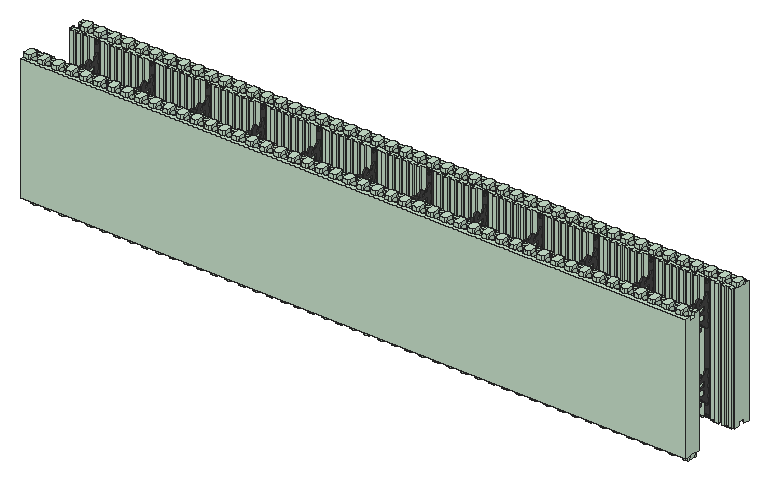
Revit family (continued)
Automatic sketch dimensions
  Extrusion 66 sketch curve to Extrusion 66 sketch curve = 0' - 0.17323"
  Extrusion 66 sketch curve to Extrusion 66 sketch curve = 0' - 0.01019"
  Extrusion 66 sketch curve to Extrusion 66 sketch curve = 0' - 0.07677"
  Extrusion 66 sketch curve to Extrusion 66 sketch curve = 0' - 0.17083"
  Extrusion 66 sketch curve to Extrusion 66 sketch curve = 0' - 0.01665"
  Extrusion 66 sketch curve to Extrusion 66 sketch curve = 0' - 0.14808"
  Extrusion 66 sketch curve to Extrusion 66 sketch curve = 0' - 0.33686"
  Extrusion 66 sketch curve to Extrusion 66 sketch curve = 0' - 0.2216"
  plane 7 to Extrusion 67 sketch curve = 0' - 0.72692"
  Extrusion 67 sketch curve to plane 4 = 2' - 11"
  Extrusion 67 sketch curve to Extrusion 67 sketch curve = 0' - 0.17308"  (x2)
  Extrusion 67 sketch curve to Extrusion 67 sketch curve = 0' - 0"  (x5)
  Extrusion 67 sketch curve to Extrusion 67 sketch curve = 0' - 0 1/4"  (x4)
  Extrusion 67 sketch curve to Extrusion 67 sketch curve = 0' - 0.07692"  (x2)
  Extrusion 67 sketch curve to Extrusion 67 sketch curve = 0' - 0.17323"
  Extrusion 67 sketch curve to Extrusion 67 sketch curve = 0' - 0.01019"
  Extrusion 67 sketch curve to Extrusion 67 sketch curve = 0' - 0.07677"
  Extrusion 67 sketch curve to Extrusion 67 sketch curve = 0' - 0.17083"
  Extrusion 67 sketch curve to Extrusion 67 sketch curve = 0' - 0.01665"
  Extrusion 67 sketch curve to Extrusion 67 sketch curve = 0' - 0.14808"
  Extrusion 67 sketch curve to Extrusion 67 sketch curve = 0' - 0.33686"
  Extrusion 67 sketch curve to Extrusion 67 sketch curve = 0' - 0.2216"
  plane 7 to Extrusion 68 sketch curve = 0' - 0.72692"
  Extrusion 68 sketch curve to plane 4 = 3' - 1"
  Extrusion 68 sketch curve to Extrusion 68 sketch curve = 0' - 0.17308"  (x2)
  Extrusion 68 sketch curve to Extrusion 68 sketch curve = 0' - 0"  (x5)
  Extrusion 68 sketch curve to Extrusion 68 sketch curve = 0' - 0 1/4"  (x4)
  Extrusion 68 sketch curve to Extrusion 68 sketch curve = 0' - 0.07692"  (x2)
  Extrusion 68 sketch curve to Extrusion 68 sketch curve = 0' - 0.17323"
  Extrusion 68 sketch curve to Extrusion 68 sketch curve = 0' - 0.01019"
  Extrusion 68 sketch curve to Extrusion 68 sketch curve = 0' - 0.07677"
  Extrusion 68 sketch curve to Extrusion 68 sketch curve = 0' - 0.17083"
  Extrusion 68 sketch curve to Extrusion 68 sketch curve = 0' - 0.01665"
  Extrusion 68 sketch curve to Extrusion 68 sketch curve = 0' - 0.14808"
  Extrusion 68 sketch curve to Extrusion 68 sketch curve = 0' - 0.33686"
  Extrusion 68 sketch curve to Extrusion 68 sketch curve = 0' - 0.2216"
  plane 7 to Extrusion 69 sketch curve = 0' - 0.72692"
  Extrusion 69 sketch curve to plane 4 = 3' - 3"
  Extrusion 69 sketch curve to Extrusion 69 sketch curve = 0' - 0.17308"  (x2)
  Extrusion 69 sketch curve to Extrusion 69 sketch curve = 0' - 0"  (x5)
  Extrusion 69 sketch curve to Extrusion 69 sketch curve = 0' - 0 1/4"  (x4)
  Extrusion 69 sketch curve to Extrusion 69 sketch curve = 0' - 0.07692"  (x2)
  Extrusion 69 sketch curve to Extrusion 69 sketch curve = 0' - 0.17323"
  Extrusion 69 sketch curve to Extrusion 69 sketch curve = 0' - 0.01019"
  Extrusion 69 sketch curve to Extrusion 69 sketch curve = 0' - 0.07677"
  Extrusion 69 sketch curve to Extrusion 69 sketch curve = 0' - 0.17083"
  Extrusion 69 sketch curve to Extrusion 69 sketch curve = 0' - 0.01665"
  Extrusion 69 sketch curve to Extrusion 69 sketch curve = 0' - 0.14808"
  Extrusion 69 sketch curve to Extrusion 69 sketch curve = 0' - 0.33686"
  Extrusion 69 sketch curve to Extrusion 69 sketch curve = 0' - 0.2216"
  plane 7 to Extrusion 70 sketch curve = 0' - 0.72692"
  Extrusion 70 sketch curve to plane 4 = 3' - 5"
  Extrusion 70 sketch curve to Extrusion 70 sketch curve = 0' - 0.17308"  (x2)
  Extrusion 70 sketch curve to Extrusion 70 sketch curve = 0' - 0"  (x5)
  Extrusion 70 sketch curve to Extrusion 70 sketch curve = 0' - 0 1/4"  (x4)
  Extrusion 70 sketch curve to Extrusion 70 sketch curve = 0' - 0.07692"  (x2)
  Extrusion 70 sketch curve to Extrusion 70 sketch curve = 0' - 0.17323"
  Extrusion 70 sketch curve to Extrusion 70 sketch curve = 0' - 0.01019"
  Extrusion 70 sketch curve to Extrusion 70 sketch curve = 0' - 0.07677"
  Extrusion 70 sketch curve to Extrusion 70 sketch curve = 0' - 0.17083"
  Extrusion 70 sketch curve to Extrusion 70 sketch curve = 0' - 0.01665"
  Extrusion 70 sketch curve to Extrusion 70 sketch curve = 0' - 0.14808"
  Extrusion 70 sketch curve to Extrusion 70 sketch curve = 0' - 0.33686"
  Extrusion 70 sketch curve to Extrusion 70 sketch curve = 0' - 0.2216"
  plane 7 to Extrusion 71 sketch curve = 0' - 0.72692"
  Extrusion 71 sketch curve to plane 4 = 3' - 7"
  Extrusion 71 sketch curve to Extrusion 71 sketch curve = 0' - 0.17308"  (x2)
  Extrusion 71 sketch curve to Extrusion 71 sketch curve = 0' - 0"  (x5)
  Extrusion 71 sketch curve to Extrusion 71 sketch curve = 0' - 0 1/4"  (x4)
  Extrusion 71 sketch curve to Extrusion 71 sketch curve = 0' - 0.07692"  (x2)
  Extrusion 71 sketch curve to Extrusion 71 sketch curve = 0' - 0.17323"
  Extrusion 71 sketch curve to Extrusion 71 sketch curve = 0' - 0.01019"
  Extrusion 71 sketch curve to Extrusion 71 sketch curve = 0' - 0.07677"
  Extrusion 71 sketch curve to Extrusion 71 sketch curve = 0' - 0.17083"
  Extrusion 71 sketch curve to Extrusion 71 sketch curve = 0' - 0.01665"
  Extrusion 71 sketch curve to Extrusion 71 sketch curve = 0' - 0.14808"
  Extrusion 71 sketch curve to Extrusion 71 sketch curve = 0' - 0.33686"
  Extrusion 71 sketch curve to Extrusion 71 sketch curve = 0' - 0.2216"
  plane 7 to Extrusion 72 sketch curve = 0' - 0.72692"
  Extrusion 72 sketch curve to plane 4 = 3' - 9"
  Extrusion 72 sketch curve to Extrusion 72 sketch curve = 0' - 0.17308"  (x2)
  Extrusion 72 sketch curve to Extrusion 72 sketch curve = 0' - 0"  (x5)
  Extrusion 72 sketch curve to Extrusion 72 sketch curve = 0' - 0 1/4"  (x4)
  Extrusion 72 sketch curve to Extrusion 72 sketch curve = 0' - 0.07692"  (x2)
  Extrusion 72 sketch curve to Extrusion 72 sketch curve = 0' - 0.17323"
  Extrusion 72 sketch curve to Extrusion 72 sketch curve = 0' - 0.01019"
  Extrusion 72 sketch curve to Extrusion 72 sketch curve = 0' - 0.07677"
  Extrusion 72 sketch curve to Extrusion 72 sketch curve = 0' - 0.17083"
  Extrusion 72 sketch curve to Extrusion 72 sketch curve = 0' - 0.01665"
  Extrusion 72 sketch curve to Extrusion 72 sketch curve = 0' - 0.14808"
  Extrusion 72 sketch curve to Extrusion 72 sketch curve = 0' - 0.33686"
  Extrusion 72 sketch curve to Extrusion 72 sketch curve = 0' - 0.2216"
  plane 7 to Extrusion 73 sketch curve = 0' - 0.72692"
  Extrusion 73 sketch curve to plane 4 = 3' - 11"
  Extrusion 73 sketch curve to Extrusion 73 sketch curve = 0' - 0.17308"  (x2)
  Extrusion 73 sketch curve to Extrusion 73 sketch curve = 0' - 0"  (x5)
  Extrusion 73 sketch curve to Extrusion 73 sketch curve = 0' - 0 1/4"  (x4)
  Extrusion 73 sketch curve to Extrusion 73 sketch curve = 0' - 0.07692"  (x2)
  Extrusion 73 sketch curve to Extrusion 73 sketch curve = 0' - 0.17323"
  Extrusion 73 sketch curve to Extrusion 73 sketch curve = 0' - 0.01019"
  Extrusion 73 sketch curve to Extrusion 73 sketch curve = 0' - 0.07677"
  Extrusion 73 sketch curve to Extrusion 73 sketch curve = 0' - 0.17083"
  Extrusion 73 sketch curve to Extrusion 73 sketch curve = 0' - 0.01665"
  Extrusion 73 sketch curve to Extrusion 73 sketch curve = 0' - 0.14808"
  Extrusion 73 sketch curve to Extrusion 73 sketch curve = 0' - 0.33686"
  Extrusion 73 sketch curve to Extrusion 73 sketch curve = 0' - 0.2216"
  plane 7 to Extrusion 74 sketch curve = 0' - 0.72692"
  plane 3 "Center (Left/Right)" to Extrusion 74 sketch curve = 3' - 11"
  Extrusion 74 sketch curve to Extrusion 74 sketch curve = 0' - 0.17308"  (x2)
  Extrusion 74 sketch curve to Extrusion 74 sketch curve = 0' - 0"  (x5)
  Extrusion 74 sketch curve to Extrusion 74 sketch curve = 0' - 0.07692"  (x3)
  Extrusion 74 sketch curve to Extrusion 74 sketch curve = 0' - 0 1/4"  (x3)
  Extrusion 74 sketch curve to Extrusion 74 sketch curve = 0' - 0.17323"
  Extrusion 74 sketch curve to Extrusion 74 sketch curve = 0' - 0.01019"
  Extrusion 74 sketch curve to Extrusion 74 sketch curve = 0' - 0.07677"
  Extrusion 74 sketch curve to Extrusion 74 sketch curve = 0' - 0.17083"
  Extrusion 74 sketch curve to Extrusion 74 sketch curve = 0' - 0.01665"
  Extrusion 74 sketch curve to Extrusion 74 sketch curve = 0' - 0.14808"
  Extrusion 74 sketch curve to Extrusion 74 sketch curve = 0' - 0.33686"
  Extrusion 74 sketch curve to Extrusion 74 sketch curve = 0' - 0.2216"
  plane 7 to Extrusion 75 sketch curve = 0' - 0.72692"
  plane 3 "Center (Left/Right)" to Extrusion 75 sketch curve = 3' - 9"
  Extrusion 75 sketch curve to Extrusion 75 sketch curve = 0' - 0.17308"  (x2)
  Extrusion 75 sketch curve to Extrusion 75 sketch curve = 0' - 0"  (x5)
  Extrusion 75 sketch curve to Extrusion 75 sketch curve = 0' - 0.07692"  (x3)
  Extrusion 75 sketch curve to Extrusion 75 sketch curve = 0' - 0 1/4"  (x3)
  Extrusion 75 sketch curve to Extrusion 75 sketch curve = 0' - 0.17323"
  Extrusion 75 sketch curve to Extrusion 75 sketch curve = 0' - 0.01019"
  Extrusion 75 sketch curve to Extrusion 75 sketch curve = 0' - 0.07677"
  Extrusion 75 sketch curve to Extrusion 75 sketch curve = 0' - 0.17083"
  Extrusion 75 sketch curve to Extrusion 75 sketch curve = 0' - 0.01665"
  Extrusion 75 sketch curve to Extrusion 75 sketch curve = 0' - 0.14808"
  Extrusion 75 sketch curve to Extrusion 75 sketch curve = 0' - 0.33686"
  Extrusion 75 sketch curve to Extrusion 75 sketch curve = 0' - 0.2216"
  plane 7 to Extrusion 76 sketch curve = 0' - 0.72692"
  plane 3 "Center (Left/Right)" to Extrusion 76 sketch curve = 3' - 7"
  Extrusion 76 sketch curve to Extrusion 76 sketch curve = 0' - 0.17308"  (x2)
  Extrusion 76 sketch curve to Extrusion 76 sketch curve = 0' - 0"  (x5)
  Extrusion 76 sketch curve to Extrusion 76 sketch curve = 0' - 0.07692"  (x3)
  Extrusion 76 sketch curve to Extrusion 76 sketch curve = 0' - 0 1/4"  (x3)
  Extrusion 76 sketch curve to Extrusion 76 sketch curve = 0' - 0.17323"
  Extrusion 76 sketch curve to Extrusion 76 sketch curve = 0' - 0.01019"
  Extrusion 76 sketch curve to Extrusion 76 sketch curve = 0' - 0.07677"
  Extrusion 76 sketch curve to Extrusion 76 sketch curve = 0' - 0.17083"
  Extrusion 76 sketch curve to Extrusion 76 sketch curve = 0' - 0.01665"
  Extrusion 76 sketch curve to Extrusion 76 sketch curve = 0' - 0.14808"
  Extrusion 76 sketch curve to Extrusion 76 sketch curve = 0' - 0.33686"
  Extrusion 76 sketch curve to Extrusion 76 sketch curve = 0' - 0.2216"
  plane 7 to Extrusion 77 sketch curve = 0' - 0.72692"
  plane 3 "Center (Left/Right)" to Extrusion 77 sketch curve = 3' - 5"
  Extrusion 77 sketch curve to Extrusion 77 sketch curve = 0' - 0.17308"  (x2)
  Extrusion 77 sketch curve to Extrusion 77 sketch curve = 0' - 0"  (x5)
  Extrusion 77 sketch curve to Extrusion 77 sketch curve = 0' - 0.07692"  (x3)
  Extrusion 77 sketch curve to Extrusion 77 sketch curve = 0' - 0 1/4"  (x3)
  Extrusion 77 sketch curve to Extrusion 77 sketch curve = 0' - 0.17323"
  Extrusion 77 sketch curve to Extrusion 77 sketch curve = 0' - 0.01019"
  Extrusion 77 sketch curve to Extrusion 77 sketch curve = 0' - 0.07677"
  Extrusion 77 sketch curve to Extrusion 77 sketch curve = 0' - 0.17083"
  Extrusion 77 sketch curve to Extrusion 77 sketch curve = 0' - 0.01665"
  Extrusion 77 sketch curve to Extrusion 77 sketch curve = 0' - 0.14808"
  Extrusion 77 sketch curve to Extrusion 77 sketch curve = 0' - 0.33686"
  Extrusion 77 sketch curve to Extrusion 77 sketch curve = 0' - 0.2216"
  plane 7 to Extrusion 78 sketch curve = 0' - 0.72692"
  plane 3 "Center (Left/Right)" to Extrusion 78 sketch curve = 3' - 3"
  Extrusion 78 sketch curve to Extrusion 78 sketch curve = 0' - 0.17308"  (x2)
  Extrusion 78 sketch curve to Extrusion 78 sketch curve = 0' - 0"  (x5)
  Extrusion 78 sketch curve to Extrusion 78 sketch curve = 0' - 0.07692"  (x3)
  Extrusion 78 sketch curve to Extrusion 78 sketch curve = 0' - 0 1/4"  (x3)
  Extrusion 78 sketch curve to Extrusion 78 sketch curve = 0' - 0.17323"
  Extrusion 78 sketch curve to Extrusion 78 sketch curve = 0' - 0.01019"
  Extrusion 78 sketch curve to Extrusion 78 sketch curve = 0' - 0.07677"
  Extrusion 78 sketch curve to Extrusion 78 sketch curve = 0' - 0.17083"
  Extrusion 78 sketch curve to Extrusion 78 sketch curve = 0' - 0.01665"
  Extrusion 78 sketch curve to Extrusion 78 sketch curve = 0' - 0.14808"
  Extrusion 78 sketch curve to Extrusion 78 sketch curve = 0' - 0.33686"
  Extrusion 78 sketch curve to Extrusion 78 sketch curve = 0' - 0.2216"
  plane 7 to Extrusion 79 sketch curve = 0' - 0.72692"
  plane 3 "Center (Left/Right)" to Extrusion 79 sketch curve = 3' - 1"
  Extrusion 79 sketch curve to Extrusion 79 sketch curve = 0' - 0.17308"  (x2)
  Extrusion 79 sketch curve to Extrusion 79 sketch curve = 0' - 0"  (x5)
  Extrusion 79 sketch curve to Extrusion 79 sketch curve = 0' - 0.07692"  (x3)
  Extrusion 79 sketch curve to Extrusion 79 sketch curve = 0' - 0 1/4"  (x3)
  Extrusion 79 sketch curve to Extrusion 79 sketch curve = 0' - 0.17323"
  Extrusion 79 sketch curve to Extrusion 79 sketch curve = 0' - 0.01019"
  Extrusion 79 sketch curve to Extrusion 79 sketch curve = 0' - 0.07677"
  Extrusion 79 sketch curve to Extrusion 79 sketch curve = 0' - 0.17083"
  Extrusion 79 sketch curve to Extrusion 79 sketch curve = 0' - 0.01665"
  Extrusion 79 sketch curve to Extrusion 79 sketch curve = 0' - 0.14808"
  Extrusion 79 sketch curve to Extrusion 79 sketch curve = 0' - 0.33686"
  Extrusion 79 sketch curve to Extrusion 79 sketch curve = 0' - 0.2216"
  plane 7 to Extrusion 80 sketch curve = 0' - 0.72692"
  plane 3 "Center (Left/Right)" to Extrusion 80 sketch curve = 2' - 11"
  Extrusion 80 sketch curve to Extrusion 80 sketch curve = 0' - 0.17308"  (x2)
  Extrusion 80 sketch curve to Extrusion 80 sketch curve = 0' - 0"  (x5)
  Extrusion 80 sketch curve to Extrusion 80 sketch curve = 0' - 0.07692"  (x3)
  Extrusion 80 sketch curve to Extrusion 80 sketch curve = 0' - 0 1/4"  (x3)
  Extrusion 80 sketch curve to Extrusion 80 sketch curve = 0' - 0.17323"
  Extrusion 80 sketch curve to Extrusion 80 sketch curve = 0' - 0.01019"
  Extrusion 80 sketch curve to Extrusion 80 sketch curve = 0' - 0.07677"
  Extrusion 80 sketch curve to Extrusion 80 sketch curve = 0' - 0.17083"
  Extrusion 80 sketch curve to Extrusion 80 sketch curve = 0' - 0.01665"
  Extrusion 80 sketch curve to Extrusion 80 sketch curve = 0' - 0.14808"
  Extrusion 80 sketch curve to Extrusion 80 sketch curve = 0' - 0.33686"
  Extrusion 80 sketch curve to Extrusion 80 sketch curve = 0' - 0.2216"
  plane 7 to Extrusion 81 sketch curve = 0' - 0.72692"
  plane 3 "Center (Left/Right)" to Extrusion 81 sketch curve = 2' - 9"
  Extrusion 81 sketch curve to Extrusion 81 sketch curve = 0' - 0.17308"  (x2)
  Extrusion 81 sketch curve to Extrusion 81 sketch curve = 0' - 0"  (x5)
  Extrusion 81 sketch curve to Extrusion 81 sketch curve = 0' - 0.07692"  (x3)
  Extrusion 81 sketch curve to Extrusion 81 sketch curve = 0' - 0 1/4"  (x3)
  Extrusion 81 sketch curve to Extrusion 81 sketch curve = 0' - 0.17323"
  Extrusion 81 sketch curve to Extrusion 81 sketch curve = 0' - 0.01019"
  Extrusion 81 sketch curve to Extrusion 81 sketch curve = 0' - 0.07677"
  Extrusion 81 sketch curve to Extrusion 81 sketch curve = 0' - 0.17083"
  Extrusion 81 sketch curve to Extrusion 81 sketch curve = 0' - 0.01665"
  Extrusion 81 sketch curve to Extrusion 81 sketch curve = 0' - 0.14808"
  Extrusion 81 sketch curve to Extrusion 81 sketch curve = 0' - 0.33686"
  Extrusion 81 sketch curve to Extrusion 81 sketch curve = 0' - 0.2216"
  plane 7 to Extrusion 82 sketch curve = 0' - 0.72692"
  plane 3 "Center (Left/Right)" to Extrusion 82 sketch curve = 2' - 7"
  Extrusion 82 sketch curve to Extrusion 82 sketch curve = 0' - 0.17308"  (x2)
  Extrusion 82 sketch curve to Extrusion 82 sketch curve = 0' - 0"  (x5)
  Extrusion 82 sketch curve to Extrusion 82 sketch curve = 0' - 0.07692"  (x3)
  Extrusion 82 sketch curve to Extrusion 82 sketch curve = 0' - 0 1/4"  (x3)
  Extrusion 82 sketch curve to Extrusion 82 sketch curve = 0' - 0.17323"
  Extrusion 82 sketch curve to Extrusion 82 sketch curve = 0' - 0.01019"
  Extrusion 82 sketch curve to Extrusion 82 sketch curve = 0' - 0.07677"
  Extrusion 82 sketch curve to Extrusion 82 sketch curve = 0' - 0.17083"
  Extrusion 82 sketch curve to Extrusion 82 sketch curve = 0' - 0.01665"
  Extrusion 82 sketch curve to Extrusion 82 sketch curve = 0' - 0.14808"
  Extrusion 82 sketch curve to Extrusion 82 sketch curve = 0' - 0.33686"
  Extrusion 82 sketch curve to Extrusion 82 sketch curve = 0' - 0.2216"
  plane 7 to Extrusion 83 sketch curve = 0' - 0.72692"
  plane 3 "Center (Left/Right)" to Extrusion 83 sketch curve = 2' - 5"
  Extrusion 83 sketch curve to Extrusion 83 sketch curve = 0' - 0.17308"  (x2)
  Extrusion 83 sketch curve to Extrusion 83 sketch curve = 0' - 0"  (x5)
  Extrusion 83 sketch curve to Extrusion 83 sketch curve = 0' - 0.07692"  (x3)
  Extrusion 83 sketch curve to Extrusion 83 sketch curve = 0' - 0 1/4"  (x3)
  Extrusion 83 sketch curve to Extrusion 83 sketch curve = 0' - 0.17323"
  Extrusion 83 sketch curve to Extrusion 83 sketch curve = 0' - 0.01019"
  Extrusion 83 sketch curve to Extrusion 83 sketch curve = 0' - 0.07677"
  Extrusion 83 sketch curve to Extrusion 83 sketch curve = 0' - 0.17083"
  Extrusion 83 sketch curve to Extrusion 83 sketch curve = 0' - 0.01665"
  Extrusion 83 sketch curve to Extrusion 83 sketch curve = 0' - 0.14808"
  Extrusion 83 sketch curve to Extrusion 83 sketch curve = 0' - 0.33686"
  Extrusion 83 sketch curve to Extrusion 83 sketch curve = 0' - 0.2216"
  plane 7 to Extrusion 84 sketch curve = 0' - 0.72692"
  plane 3 "Center (Left/Right)" to Extrusion 84 sketch curve = 2' - 3"
  Extrusion 84 sketch curve to Extrusion 84 sketch curve = 0' - 0.17308"  (x2)
  Extrusion 84 sketch curve to Extrusion 84 sketch curve = 0' - 0"  (x5)
  Extrusion 84 sketch curve to Extrusion 84 sketch curve = 0' - 0.07692"  (x3)
  Extrusion 84 sketch curve to Extrusion 84 sketch curve = 0' - 0 1/4"  (x3)
  Extrusion 84 sketch curve to Extrusion 84 sketch curve = 0' - 0.17323"
  Extrusion 84 sketch curve to Extrusion 84 sketch curve = 0' - 0.01019"
  Extrusion 84 sketch curve to Extrusion 84 sketch curve = 0' - 0.07677"
  Extrusion 84 sketch curve to Extrusion 84 sketch curve = 0' - 0.17083"
  Extrusion 84 sketch curve to Extrusion 84 sketch curve = 0' - 0.01665"
  Extrusion 84 sketch curve to Extrusion 84 sketch curve = 0' - 0.14808"
  Extrusion 84 sketch curve to Extrusion 84 sketch curve = 0' - 0.33686"
  Extrusion 84 sketch curve to Extrusion 84 sketch curve = 0' - 0.2216"
  plane 7 to Extrusion 85 sketch curve = 0' - 0.72692"
  plane 3 "Center (Left/Right)" to Extrusion 85 sketch curve = 2' - 1"
  Extrusion 85 sketch curve to Extrusion 85 sketch curve = 0' - 0.17308"  (x2)
  Extrusion 85 sketch curve to Extrusion 85 sketch curve = 0' - 0"  (x5)
  Extrusion 85 sketch curve to Extrusion 85 sketch curve = 0' - 0.07692"  (x3)
  Extrusion 85 sketch curve to Extrusion 85 sketch curve = 0' - 0 1/4"  (x3)
  Extrusion 85 sketch curve to Extrusion 85 sketch curve = 0' - 0.17323"
  Extrusion 85 sketch curve to Extrusion 85 sketch curve = 0' - 0.01019"
  Extrusion 85 sketch curve to Extrusion 85 sketch curve = 0' - 0.07677"
  Extrusion 85 sketch curve to Extrusion 85 sketch curve = 0' - 0.17083"
  Extrusion 85 sketch curve to Extrusion 85 sketch curve = 0' - 0.01665"
  Extrusion 85 sketch curve to Extrusion 85 sketch curve = 0' - 0.14808"
  Extrusion 85 sketch curve to Extrusion 85 sketch curve = 0' - 0.33686"
  Extrusion 85 sketch curve to Extrusion 85 sketch curve = 0' - 0.2216"
  plane 7 to Extrusion 86 sketch curve = 0' - 0.72692"
  plane 3 "Center (Left/Right)" to Extrusion 86 sketch curve = 1' - 11"
  Extrusion 86 sketch curve to Extrusion 86 sketch curve = 0' - 0.17308"  (x2)
  Extrusion 86 sketch curve to Extrusion 86 sketch curve = 0' - 0"  (x5)
  Extrusion 86 sketch curve to Extrusion 86 sketch curve = 0' - 0.07692"  (x3)
  Extrusion 86 sketch curve to Extrusion 86 sketch curve = 0' - 0 1/4"  (x3)
  Extrusion 86 sketch curve to Extrusion 86 sketch curve = 0' - 0.17323"
  Extrusion 86 sketch curve to Extrusion 86 sketch curve = 0' - 0.01019"
  Extrusion 86 sketch curve to Extrusion 86 sketch curve = 0' - 0.07677"
  Extrusion 86 sketch curve to Extrusion 86 sketch curve = 0' - 0.17083"
  Extrusion 86 sketch curve to Extrusion 86 sketch curve = 0' - 0.01665"
  Extrusion 86 sketch curve to Extrusion 86 sketch curve = 0' - 0.14808"
  Extrusion 86 sketch curve to Extrusion 86 sketch curve = 0' - 0.33686"
  Extrusion 86 sketch curve to Extrusion 86 sketch curve = 0' - 0.2216"
  plane 7 to Extrusion 87 sketch curve = 0' - 0.72692"
  plane 3 "Center (Left/Right)" to Extrusion 87 sketch curve = 1' - 9"
  Extrusion 87 sketch curve to Extrusion 87 sketch curve = 0' - 0.17308"  (x2)
  Extrusion 87 sketch curve to Extrusion 87 sketch curve = 0' - 0"  (x5)
  Extrusion 87 sketch curve to Extrusion 87 sketch curve = 0' - 0.07692"  (x3)
  Extrusion 87 sketch curve to Extrusion 87 sketch curve = 0' - 0 1/4"  (x3)
  Extrusion 87 sketch curve to Extrusion 87 sketch curve = 0' - 0.17323"
  Extrusion 87 sketch curve to Extrusion 87 sketch curve = 0' - 0.01019"
  Extrusion 87 sketch curve to Extrusion 87 sketch curve = 0' - 0.07677"
  Extrusion 87 sketch curve to Extrusion 87 sketch curve = 0' - 0.17083"
  Extrusion 87 sketch curve to Extrusion 87 sketch curve = 0' - 0.01665"
  Extrusion 87 sketch curve to Extrusion 87 sketch curve = 0' - 0.14808"
  Extrusion 87 sketch curve to Extrusion 87 sketch curve = 0' - 0.33686"
  Extrusion 87 sketch curve to Extrusion 87 sketch curve = 0' - 0.2216"
  plane 7 to Extrusion 88 sketch curve = 0' - 0.72692"
  plane 3 "Center (Left/Right)" to Extrusion 88 sketch curve = 1' - 7"
  Extrusion 88 sketch curve to Extrusion 88 sketch curve = 0' - 0.17308"  (x2)
  Extrusion 88 sketch curve to Extrusion 88 sketch curve = 0' - 0"  (x5)
  Extrusion 88 sketch curve to Extrusion 88 sketch curve = 0' - 0.07692"  (x3)
  Extrusion 88 sketch curve to Extrusion 88 sketch curve = 0' - 0 1/4"  (x3)
  Extrusion 88 sketch curve to Extrusion 88 sketch curve = 0' - 0.17323"
  Extrusion 88 sketch curve to Extrusion 88 sketch curve = 0' - 0.01019"
  Extrusion 88 sketch curve to Extrusion 88 sketch curve = 0' - 0.07677"
  Extrusion 88 sketch curve to Extrusion 88 sketch curve = 0' - 0.17083"
  Extrusion 88 sketch curve to Extrusion 88 sketch curve = 0' - 0.01665"
  Extrusion 88 sketch curve to Extrusion 88 sketch curve = 0' - 0.14808"
  Extrusion 88 sketch curve to Extrusion 88 sketch curve = 0' - 0.33686"
  Extrusion 88 sketch curve to Extrusion 88 sketch curve = 0' - 0.2216"
  plane 7 to Extrusion 89 sketch curve = 0' - 0.72692"
  plane 3 "Center (Left/Right)" to Extrusion 89 sketch curve = 1' - 5"
  Extrusion 89 sketch curve to Extrusion 89 sketch curve = 0' - 0.17308"  (x2)
  Extrusion 89 sketch curve to Extrusion 89 sketch curve = 0' - 0"  (x5)
  Extrusion 89 sketch curve to Extrusion 89 sketch curve = 0' - 0.07692"  (x3)
  Extrusion 89 sketch curve to Extrusion 89 sketch curve = 0' - 0 1/4"  (x3)
  Extrusion 89 sketch curve to Extrusion 89 sketch curve = 0' - 0.17323"
  Extrusion 89 sketch curve to Extrusion 89 sketch curve = 0' - 0.01019"
  Extrusion 89 sketch curve to Extrusion 89 sketch curve = 0' - 0.07677"
  Extrusion 89 sketch curve to Extrusion 89 sketch curve = 0' - 0.17083"
  Extrusion 89 sketch curve to Extrusion 89 sketch curve = 0' - 0.01665"
  Extrusion 89 sketch curve to Extrusion 89 sketch curve = 0' - 0.14808"
  Extrusion 89 sketch curve to Extrusion 89 sketch curve = 0' - 0.33686"
  Extrusion 89 sketch curve to Extrusion 89 sketch curve = 0' - 0.2216"
  plane 7 to Extrusion 90 sketch curve = 0' - 0.72692"
  plane 3 "Center (Left/Right)" to Extrusion 90 sketch curve = 1' - 3"
  Extrusion 90 sketch curve to Extrusion 90 sketch curve = 0' - 0.17308"  (x2)
  Extrusion 90 sketch curve to Extrusion 90 sketch curve = 0' - 0"  (x5)
  Extrusion 90 sketch curve to Extrusion 90 sketch curve = 0' - 0.07692"  (x3)
  Extrusion 90 sketch curve to Extrusion 90 sketch curve = 0' - 0 1/4"  (x3)
  Extrusion 90 sketch curve to Extrusion 90 sketch curve = 0' - 0.17323"
  Extrusion 90 sketch curve to Extrusion 90 sketch curve = 0' - 0.01019"
  Extrusion 90 sketch curve to Extrusion 90 sketch curve = 0' - 0.07677"
  Extrusion 90 sketch curve to Extrusion 90 sketch curve = 0' - 0.17083"
  Extrusion 90 sketch curve to Extrusion 90 sketch curve = 0' - 0.01665"
  Extrusion 90 sketch curve to Extrusion 90 sketch curve = 0' - 0.14808"
  Extrusion 90 sketch curve to Extrusion 90 sketch curve = 0' - 0.33686"
  Extrusion 90 sketch curve to Extrusion 90 sketch curve = 0' - 0.2216"
  plane 7 to Extrusion 91 sketch curve = 0' - 0.72692"
  plane 3 "Center (Left/Right)" to Extrusion 91 sketch curve = 1' - 1"
  Extrusion 91 sketch curve to Extrusion 91 sketch curve = 0' - 0.17308"  (x2)
  Extrusion 91 sketch curve to Extrusion 91 sketch curve = 0' - 0"  (x5)
  Extrusion 91 sketch curve to Extrusion 91 sketch curve = 0' - 0.07692"  (x3)
  Extrusion 91 sketch curve to Extrusion 91 sketch curve = 0' - 0 1/4"  (x3)
  Extrusion 91 sketch curve to Extrusion 91 sketch curve = 0' - 0.17323"
  Extrusion 91 sketch curve to Extrusion 91 sketch curve = 0' - 0.01019"
  Extrusion 91 sketch curve to Extrusion 91 sketch curve = 0' - 0.07677"
  Extrusion 91 sketch curve to Extrusion 91 sketch curve = 0' - 0.17083"
  Extrusion 91 sketch curve to Extrusion 91 sketch curve = 0' - 0.01665"
  Extrusion 91 sketch curve to Extrusion 91 sketch curve = 0' - 0.14808"
  Extrusion 91 sketch curve to Extrusion 91 sketch curve = 0' - 0.33686"
  Extrusion 91 sketch curve to Extrusion 91 sketch curve = 0' - 0.2216"
  plane 7 to Extrusion 92 sketch curve = 0' - 0.72692"
  plane 3 "Center (Left/Right)" to Extrusion 92 sketch curve = 0' - 11"
  Extrusion 92 sketch curve to Extrusion 92 sketch curve = 0' - 0.17308"  (x2)
  Extrusion 92 sketch curve to Extrusion 92 sketch curve = 0' - 0"  (x5)
  Extrusion 92 sketch curve to Extrusion 92 sketch curve = 0' - 0.07692"  (x3)
  Extrusion 92 sketch curve to Extrusion 92 sketch curve = 0' - 0 1/4"  (x3)
  Extrusion 92 sketch curve to Extrusion 92 sketch curve = 0' - 0.17323"
  Extrusion 92 sketch curve to Extrusion 92 sketch curve = 0' - 0.01019"
  Extrusion 92 sketch curve to Extrusion 92 sketch curve = 0' - 0.07677"
  Extrusion 92 sketch curve to Extrusion 92 sketch curve = 0' - 0.17083"
  Extrusion 92 sketch curve to Extrusion 92 sketch curve = 0' - 0.01665"
  Extrusion 92 sketch curve to Extrusion 92 sketch curve = 0' - 0.14808"
  Extrusion 92 sketch curve to Extrusion 92 sketch curve = 0' - 0.33686"
  Extrusion 92 sketch curve to Extrusion 92 sketch curve = 0' - 0.2216"
  plane 7 to Extrusion 93 sketch curve = 0' - 0.72692"
  plane 3 "Center (Left/Right)" to Extrusion 93 sketch curve = 0' - 9"
  Extrusion 93 sketch curve to Extrusion 93 sketch curve = 0' - 0.17308"  (x2)
  Extrusion 93 sketch curve to Extrusion 93 sketch curve = 0' - 0"  (x5)
  Extrusion 93 sketch curve to Extrusion 93 sketch curve = 0' - 0.07692"  (x3)
  Extrusion 93 sketch curve to Extrusion 93 sketch curve = 0' - 0 1/4"  (x3)
  Extrusion 93 sketch curve to Extrusion 93 sketch curve = 0' - 0.17323"
  Extrusion 93 sketch curve to Extrusion 93 sketch curve = 0' - 0.01019"
  Extrusion 93 sketch curve to Extrusion 93 sketch curve = 0' - 0.07677"
  Extrusion 93 sketch curve to Extrusion 93 sketch curve = 0' - 0.17083"
  Extrusion 93 sketch curve to Extrusion 93 sketch curve = 0' - 0.01665"
  Extrusion 93 sketch curve to Extrusion 93 sketch curve = 0' - 0.14808"
  Extrusion 93 sketch curve to Extrusion 93 sketch curve = 0' - 0.33686"
  Extrusion 93 sketch curve to Extrusion 93 sketch curve = 0' - 0.2216"
  plane 7 to Extrusion 94 sketch curve = 0' - 0.72692"
  plane 3 "Center (Left/Right)" to Extrusion 94 sketch curve = 0' - 7"
  Extrusion 94 sketch curve to Extrusion 94 sketch curve = 0' - 0.17308"  (x2)
  Extrusion 94 sketch curve to Extrusion 94 sketch curve = 0' - 0"  (x5)
  Extrusion 94 sketch curve to Extrusion 94 sketch curve = 0' - 0.07692"  (x3)
  Extrusion 94 sketch curve to Extrusion 94 sketch curve = 0' - 0 1/4"  (x3)
  Extrusion 94 sketch curve to Extrusion 94 sketch curve = 0' - 0.17323"
  Extrusion 94 sketch curve to Extrusion 94 sketch curve = 0' - 0.01019"
  Extrusion 94 sketch curve to Extrusion 94 sketch curve = 0' - 0.07677"
  Extrusion 94 sketch curve to Extrusion 94 sketch curve = 0' - 0.17083"
  Extrusion 94 sketch curve to Extrusion 94 sketch curve = 0' - 0.01665"
  Extrusion 94 sketch curve to Extrusion 94 sketch curve = 0' - 0.14808"
  Extrusion 94 sketch curve to Extrusion 94 sketch curve = 0' - 0.33686"
  Extrusion 94 sketch curve to Extrusion 94 sketch curve = 0' - 0.2216"
  plane 7 to Extrusion 95 sketch curve = 0' - 0.72692"
  plane 3 "Center (Left/Right)" to Extrusion 95 sketch curve = 0' - 5"
  Extrusion 95 sketch curve to Extrusion 95 sketch curve = 0' - 0.17308"  (x2)
  Extrusion 95 sketch curve to Extrusion 95 sketch curve = 0' - 0"  (x5)
  Extrusion 95 sketch curve to Extrusion 95 sketch curve = 0' - 0.07692"  (x3)
  Extrusion 95 sketch curve to Extrusion 95 sketch curve = 0' - 0 1/4"  (x3)
  Extrusion 95 sketch curve to Extrusion 95 sketch curve = 0' - 0.17323"
  Extrusion 95 sketch curve to Extrusion 95 sketch curve = 0' - 0.01019"
  Extrusion 95 sketch curve to Extrusion 95 sketch curve = 0' - 0.07677"
  Extrusion 95 sketch curve to Extrusion 95 sketch curve = 0' - 0.17083"
  Extrusion 95 sketch curve to Extrusion 95 sketch curve = 0' - 0.01665"
  Extrusion 95 sketch curve to Extrusion 95 sketch curve = 0' - 0.14808"
  Extrusion 95 sketch curve to Extrusion 95 sketch curve = 0' - 0.33686"
  Extrusion 95 sketch curve to Extrusion 95 sketch curve = 0' - 0.2216"
  plane 7 to Extrusion 96 sketch curve = 0' - 0.72692"
  plane 3 "Center (Left/Right)" to Extrusion 96 sketch curve = 0' - 3"
  Extrusion 96 sketch curve to Extrusion 96 sketch curve = 0' - 0.17308"  (x2)
  Extrusion 96 sketch curve to Extrusion 96 sketch curve = 0' - 0"  (x5)
  Extrusion 96 sketch curve to Extrusion 96 sketch curve = 0' - 0.07692"  (x3)
  Extrusion 96 sketch curve to Extrusion 96 sketch curve = 0' - 0 1/4"  (x3)
  Extrusion 96 sketch curve to Extrusion 96 sketch curve = 0' - 0.17323"
  Extrusion 96 sketch curve to Extrusion 96 sketch curve = 0' - 0.01019"
  Extrusion 96 sketch curve to Extrusion 96 sketch curve = 0' - 0.07677"
  Extrusion 96 sketch curve to Extrusion 96 sketch curve = 0' - 0.17083"
  Extrusion 96 sketch curve to Extrusion 96 sketch curve = 0' - 0.01665"
  Extrusion 96 sketch curve to Extrusion 96 sketch curve = 0' - 0.14808"
  Extrusion 96 sketch curve to Extrusion 96 sketch curve = 0' - 0.33686"
  Extrusion 96 sketch curve to Extrusion 96 sketch curve = 0' - 0.2216"
  Extrusion 97 sketch curve to plane 3 "Center (Left/Right)" = 0' - 0"
  plane 3 "Center (Left/Right)" to Extrusion 97 sketch curve = 0' - 0.02075"
  Extrusion 97 sketch curve to Extrusion 97 sketch curve = 0' - 0.04585"
  Extrusion 97 sketch curve to Extrusion 97 sketch curve = 0' - 0"  (x4)
  Extrusion 97 sketch curve to Extrusion 97 sketch curve = 0' - 0.01665"
  plane 3 "Center (Left/Right)" to Extrusion 97 sketch curve = 0' - 0.17308"
  Extrusion 97 sketch curve to Extrusion 97 sketch curve = 0' - 0 1/4"  (x5)
  Extrusion 97 sketch curve to Extrusion 97 sketch curve = 0' - 0.17083"
  Extrusion 97 sketch curve to Extrusion 97 sketch curve = 0' - 0 1/16"
  Extrusion 97 sketch curve to Extrusion 97 sketch curve = 0' - 0.01019"
  Extrusion 97 sketch curve to Extrusion 97 sketch curve = 0' - 0.07692"  (x2)
  plane 7 to Extrusion 97 sketch curve = 0' - 0.48905"
  Extrusion 97 sketch curve to Extrusion 97 sketch curve = 0' - 0.14808"
  Extrusion 97 sketch curve to Extrusion 97 sketch curve = 0' - 0.33686"
  Extrusion 97 sketch curve to Extrusion 97 sketch curve = 0' - 0.2216"
  Extrusion 98 sketch curve to plane 3 "Center (Left/Right)" = 0' - 0"
  Extrusion 98 sketch curve to plane 3 "Center (Left/Right)" = 0' - 0.02075"
  Extrusion 98 sketch curve to Extrusion 98 sketch curve = 0' - 0.04585"
  Extrusion 98 sketch curve to Extrusion 98 sketch curve = 0' - 0"  (x4)
  Extrusion 98 sketch curve to Extrusion 98 sketch curve = 0' - 0.01665"
  Extrusion 98 sketch curve to plane 3 "Center (Left/Right)" = 0' - 0.17308"
  Extrusion 98 sketch curve to Extrusion 98 sketch curve = 0' - 0 1/4"  (x5)
  Extrusion 98 sketch curve to Extrusion 98 sketch curve = 0' - 0.17083"
  Extrusion 98 sketch curve to Extrusion 98 sketch curve = 0' - 0 1/16"
  Extrusion 98 sketch curve to Extrusion 98 sketch curve = 0' - 0.01019"
  Extrusion 98 sketch curve to Extrusion 98 sketch curve = 0' - 0.07692"  (x2)
  plane 8 to Extrusion 98 sketch curve = 0' - 0.48905"
  Extrusion 98 sketch curve to Extrusion 98 sketch curve = 0' - 0.14808"
  Extrusion 98 sketch curve to Extrusion 98 sketch curve = 0' - 0.33686"
  Extrusion 98 sketch curve to Extrusion 98 sketch curve = 0' - 0.2216"
  plane 8 to Extrusion 99 sketch curve = 0' - 0.72692"
  Extrusion 99 sketch curve to plane 3 "Center (Left/Right)" = 0' - 3"
  Extrusion 99 sketch curve to Extrusion 99 sketch curve = 0' - 0.17308"  (x2)
  Extrusion 99 sketch curve to Extrusion 99 sketch curve = 0' - 0"  (x5)
  Extrusion 99 sketch curve to Extrusion 99 sketch curve = 0' - 0 1/4"  (x4)
  Extrusion 99 sketch curve to Extrusion 99 sketch curve = 0' - 0.07692"  (x2)
  Extrusion 99 sketch curve to Extrusion 99 sketch curve = 0' - 0.17323"
  Extrusion 99 sketch curve to Extrusion 99 sketch curve = 0' - 0.01019"
  Extrusion 99 sketch curve to Extrusion 99 sketch curve = 0' - 0.07677"
  Extrusion 99 sketch curve to Extrusion 99 sketch curve = 0' - 0.17083"
  Extrusion 99 sketch curve to Extrusion 99 sketch curve = 0' - 0.01665"
  Extrusion 99 sketch curve to Extrusion 99 sketch curve = 0' - 0.14808"
  Extrusion 99 sketch curve to Extrusion 99 sketch curve = 0' - 0.33686"
  Extrusion 99 sketch curve to Extrusion 99 sketch curve = 0' - 0.2216"
  plane 8 to Extrusion 100 sketch curve = 0' - 0.72692"
  Extrusion 100 sketch curve to plane 3 "Center (Left/Right)" = 0' - 5"
  Extrusion 100 sketch curve to Extrusion 100 sketch curve = 0' - 0.17308"  (x2)
  Extrusion 100 sketch curve to Extrusion 100 sketch curve = 0' - 0"  (x5)
  Extrusion 100 sketch curve to Extrusion 100 sketch curve = 0' - 0 1/4"  (x4)
  Extrusion 100 sketch curve to Extrusion 100 sketch curve = 0' - 0.07692"  (x2)
  Extrusion 100 sketch curve to Extrusion 100 sketch curve = 0' - 0.17323"
  Extrusion 100 sketch curve to Extrusion 100 sketch curve = 0' - 0.01019"
  Extrusion 100 sketch curve to Extrusion 100 sketch curve = 0' - 0.07677"
  Extrusion 100 sketch curve to Extrusion 100 sketch curve = 0' - 0.17083"
  Extrusion 100 sketch curve to Extrusion 100 sketch curve = 0' - 0.01665"
  Extrusion 100 sketch curve to Extrusion 100 sketch curve = 0' - 0.14808"
  Extrusion 100 sketch curve to Extrusion 100 sketch curve = 0' - 0.33686"
  Extrusion 100 sketch curve to Extrusion 100 sketch curve = 0' - 0.2216"
  plane 8 to Extrusion 101 sketch curve = 0' - 0.72692"
  Extrusion 101 sketch curve to plane 3 "Center (Left/Right)" = 0' - 7"
  Extrusion 101 sketch curve to Extrusion 101 sketch curve = 0' - 0.17308"  (x2)
  Extrusion 101 sketch curve to Extrusion 101 sketch curve = 0' - 0"  (x5)
  Extrusion 101 sketch curve to Extrusion 101 sketch curve = 0' - 0 1/4"  (x4)
  Extrusion 101 sketch curve to Extrusion 101 sketch curve = 0' - 0.07692"  (x2)
  Extrusion 101 sketch curve to Extrusion 101 sketch curve = 0' - 0.17323"
  Extrusion 101 sketch curve to Extrusion 101 sketch curve = 0' - 0.01019"
  Extrusion 101 sketch curve to Extrusion 101 sketch curve = 0' - 0.07677"
  Extrusion 101 sketch curve to Extrusion 101 sketch curve = 0' - 0.17083"
  Extrusion 101 sketch curve to Extrusion 101 sketch curve = 0' - 0.01665"
  Extrusion 101 sketch curve to Extrusion 101 sketch curve = 0' - 0.14808"
  Extrusion 101 sketch curve to Extrusion 101 sketch curve = 0' - 0.33686"
  Extrusion 101 sketch curve to Extrusion 101 sketch curve = 0' - 0.2216"
  plane 8 to Extrusion 102 sketch curve = 0' - 0.72692"
  Extrusion 102 sketch curve to plane 3 "Center (Left/Right)" = 0' - 9"
  Extrusion 102 sketch curve to Extrusion 102 sketch curve = 0' - 0.17308"  (x2)
  Extrusion 102 sketch curve to Extrusion 102 sketch curve = 0' - 0"  (x5)
  Extrusion 102 sketch curve to Extrusion 102 sketch curve = 0' - 0 1/4"  (x4)
  Extrusion 102 sketch curve to Extrusion 102 sketch curve = 0' - 0.07692"  (x2)
  Extrusion 102 sketch curve to Extrusion 102 sketch curve = 0' - 0.17323"
  Extrusion 102 sketch curve to Extrusion 102 sketch curve = 0' - 0.01019"
  Extrusion 102 sketch curve to Extrusion 102 sketch curve = 0' - 0.07677"
  Extrusion 102 sketch curve to Extrusion 102 sketch curve = 0' - 0.17083"
  Extrusion 102 sketch curve to Extrusion 102 sketch curve = 0' - 0.01665"
  Extrusion 102 sketch curve to Extrusion 102 sketch curve = 0' - 0.14808"
  Extrusion 102 sketch curve to Extrusion 102 sketch curve = 0' - 0.33686"
  Extrusion 102 sketch curve to Extrusion 102 sketch curve = 0' - 0.2216"
  plane 8 to Extrusion 103 sketch curve = 0' - 0.72692"
  Extrusion 103 sketch curve to plane 3 "Center (Left/Right)" = 0' - 11"
  Extrusion 103 sketch curve to Extrusion 103 sketch curve = 0' - 0.17308"  (x2)
  Extrusion 103 sketch curve to Extrusion 103 sketch curve = 0' - 0"  (x5)
  Extrusion 103 sketch curve to Extrusion 103 sketch curve = 0' - 0 1/4"  (x4)
  Extrusion 103 sketch curve to Extrusion 103 sketch curve = 0' - 0.07692"  (x2)
  Extrusion 103 sketch curve to Extrusion 103 sketch curve = 0' - 0.17323"
  Extrusion 103 sketch curve to Extrusion 103 sketch curve = 0' - 0.01019"
  Extrusion 103 sketch curve to Extrusion 103 sketch curve = 0' - 0.07677"
  Extrusion 103 sketch curve to Extrusion 103 sketch curve = 0' - 0.17083"
  Extrusion 103 sketch curve to Extrusion 103 sketch curve = 0' - 0.01665"
  Extrusion 103 sketch curve to Extrusion 103 sketch curve = 0' - 0.14808"
  Extrusion 103 sketch curve to Extrusion 103 sketch curve = 0' - 0.33686"
  Extrusion 103 sketch curve to Extrusion 103 sketch curve = 0' - 0.2216"
  plane 8 to Extrusion 104 sketch curve = 0' - 0.72692"
  Extrusion 104 sketch curve to plane 3 "Center (Left/Right)" = 1' - 1"
  Extrusion 104 sketch curve to Extrusion 104 sketch curve = 0' - 0.17308"  (x2)
  Extrusion 104 sketch curve to Extrusion 104 sketch curve = 0' - 0"  (x5)
  Extrusion 104 sketch curve to Extrusion 104 sketch curve = 0' - 0 1/4"  (x4)
  Extrusion 104 sketch curve to Extrusion 104 sketch curve = 0' - 0.07692"  (x2)
  Extrusion 104 sketch curve to Extrusion 104 sketch curve = 0' - 0.17323"
  Extrusion 104 sketch curve to Extrusion 104 sketch curve = 0' - 0.01019"
  Extrusion 104 sketch curve to Extrusion 104 sketch curve = 0' - 0.07677"
  Extrusion 104 sketch curve to Extrusion 104 sketch curve = 0' - 0.17083"
  Extrusion 104 sketch curve to Extrusion 104 sketch curve = 0' - 0.01665"
  Extrusion 104 sketch curve to Extrusion 104 sketch curve = 0' - 0.14808"
  Extrusion 104 sketch curve to Extrusion 104 sketch curve = 0' - 0.33686"
  Extrusion 104 sketch curve to Extrusion 104 sketch curve = 0' - 0.2216"
  plane 8 to Extrusion 105 sketch curve = 0' - 0.72692"
  Extrusion 105 sketch curve to plane 3 "Center (Left/Right)" = 1' - 3"
  Extrusion 105 sketch curve to Extrusion 105 sketch curve = 0' - 0.17308"  (x2)
  Extrusion 105 sketch curve to Extrusion 105 sketch curve = 0' - 0"  (x5)
  Extrusion 105 sketch curve to Extrusion 105 sketch curve = 0' - 0 1/4"  (x4)
  Extrusion 105 sketch curve to Extrusion 105 sketch curve = 0' - 0.07692"  (x2)
  Extrusion 105 sketch curve to Extrusion 105 sketch curve = 0' - 0.17323"
  Extrusion 105 sketch curve to Extrusion 105 sketch curve = 0' - 0.01019"
  Extrusion 105 sketch curve to Extrusion 105 sketch curve = 0' - 0.07677"
  Extrusion 105 sketch curve to Extrusion 105 sketch curve = 0' - 0.17083"
  Extrusion 105 sketch curve to Extrusion 105 sketch curve = 0' - 0.01665"
  Extrusion 105 sketch curve to Extrusion 105 sketch curve = 0' - 0.14808"
  Extrusion 105 sketch curve to Extrusion 105 sketch curve = 0' - 0.33686"
  Extrusion 105 sketch curve to Extrusion 105 sketch curve = 0' - 0.2216"
  plane 8 to Extrusion 106 sketch curve = 0' - 0.72692"
  Extrusion 106 sketch curve to plane 3 "Center (Left/Right)" = 1' - 5"
  Extrusion 106 sketch curve to Extrusion 106 sketch curve = 0' - 0.17308"  (x2)
  Extrusion 106 sketch curve to Extrusion 106 sketch curve = 0' - 0"  (x5)
  Extrusion 106 sketch curve to Extrusion 106 sketch curve = 0' - 0 1/4"  (x4)
  Extrusion 106 sketch curve to Extrusion 106 sketch curve = 0' - 0.07692"  (x2)
  Extrusion 106 sketch curve to Extrusion 106 sketch curve = 0' - 0.17323"
  Extrusion 106 sketch curve to Extrusion 106 sketch curve = 0' - 0.01019"
  Extrusion 106 sketch curve to Extrusion 106 sketch curve = 0' - 0.07677"
  Extrusion 106 sketch curve to Extrusion 106 sketch curve = 0' - 0.17083"
  Extrusion 106 sketch curve to Extrusion 106 sketch curve = 0' - 0.01665"
  Extrusion 106 sketch curve to Extrusion 106 sketch curve = 0' - 0.14808"
  Extrusion 106 sketch curve to Extrusion 106 sketch curve = 0' - 0.33686"
  Extrusion 106 sketch curve to Extrusion 106 sketch curve = 0' - 0.2216"
  plane 8 to Extrusion 107 sketch curve = 0' - 0.72692"
  Extrusion 107 sketch curve to plane 3 "Center (Left/Right)" = 1' - 7"
  Extrusion 107 sketch curve to Extrusion 107 sketch curve = 0' - 0.17308"  (x2)
  Extrusion 107 sketch curve to Extrusion 107 sketch curve = 0' - 0"  (x5)
  Extrusion 107 sketch curve to Extrusion 107 sketch curve = 0' - 0 1/4"  (x4)
  Extrusion 107 sketch curve to Extrusion 107 sketch curve = 0' - 0.07692"  (x2)
  Extrusion 107 sketch curve to Extrusion 107 sketch curve = 0' - 0.17323"
  Extrusion 107 sketch curve to Extrusion 107 sketch curve = 0' - 0.01019"
  Extrusion 107 sketch curve to Extrusion 107 sketch curve = 0' - 0.07677"
  Extrusion 107 sketch curve to Extrusion 107 sketch curve = 0' - 0.17083"
  Extrusion 107 sketch curve to Extrusion 107 sketch curve = 0' - 0.01665"
  Extrusion 107 sketch curve to Extrusion 107 sketch curve = 0' - 0.14808"
  Extrusion 107 sketch curve to Extrusion 107 sketch curve = 0' - 0.33686"
  Extrusion 107 sketch curve to Extrusion 107 sketch curve = 0' - 0.2216"
  plane 8 to Extrusion 108 sketch curve = 0' - 0.72692"
  Extrusion 108 sketch curve to plane 3 "Center (Left/Right)" = 1' - 9"
  Extrusion 108 sketch curve to Extrusion 108 sketch curve = 0' - 0.17308"  (x2)
  Extrusion 108 sketch curve to Extrusion 108 sketch curve = 0' - 0"  (x5)
  Extrusion 108 sketch curve to Extrusion 108 sketch curve = 0' - 0 1/4"  (x4)
  Extrusion 108 sketch curve to Extrusion 108 sketch curve = 0' - 0.07692"  (x2)
  Extrusion 108 sketch curve to Extrusion 108 sketch curve = 0' - 0.17323"
  Extrusion 108 sketch curve to Extrusion 108 sketch curve = 0' - 0.01019"
  Extrusion 108 sketch curve to Extrusion 108 sketch curve = 0' - 0.07677"
  Extrusion 108 sketch curve to Extrusion 108 sketch curve = 0' - 0.17083"
  Extrusion 108 sketch curve to Extrusion 108 sketch curve = 0' - 0.01665"
  Extrusion 108 sketch curve to Extrusion 108 sketch curve = 0' - 0.14808"
  Extrusion 108 sketch curve to Extrusion 108 sketch curve = 0' - 0.33686"
  Extrusion 108 sketch curve to Extrusion 108 sketch curve = 0' - 0.2216"
  plane 8 to Extrusion 109 sketch curve = 0' - 0.72692"
  Extrusion 109 sketch curve to plane 3 "Center (Left/Right)" = 1' - 11"
  Extrusion 109 sketch curve to Extrusion 109 sketch curve = 0' - 0.17308"  (x2)
  Extrusion 109 sketch curve to Extrusion 109 sketch curve = 0' - 0"  (x5)
  Extrusion 109 sketch curve to Extrusion 109 sketch curve = 0' - 0 1/4"  (x4)
  Extrusion 109 sketch curve to Extrusion 109 sketch curve = 0' - 0.07692"  (x2)
  Extrusion 109 sketch curve to Extrusion 109 sketch curve = 0' - 0.17323"
  Extrusion 109 sketch curve to Extrusion 109 sketch curve = 0' - 0.01019"
  Extrusion 109 sketch curve to Extrusion 109 sketch curve = 0' - 0.07677"
  Extrusion 109 sketch curve to Extrusion 109 sketch curve = 0' - 0.17083"
  Extrusion 109 sketch curve to Extrusion 109 sketch curve = 0' - 0.01665"
  Extrusion 109 sketch curve to Extrusion 109 sketch curve = 0' - 0.14808"
  Extrusion 109 sketch curve to Extrusion 109 sketch curve = 0' - 0.33686"
  Extrusion 109 sketch curve to Extrusion 109 sketch curve = 0' - 0.2216"
  plane 8 to Extrusion 110 sketch curve = 0' - 0.72692"
  Extrusion 110 sketch curve to plane 3 "Center (Left/Right)" = 2' - 1"
  Extrusion 110 sketch curve to Extrusion 110 sketch curve = 0' - 0.17308"  (x2)
  Extrusion 110 sketch curve to Extrusion 110 sketch curve = 0' - 0"  (x5)
  Extrusion 110 sketch curve to Extrusion 110 sketch curve = 0' - 0 1/4"  (x4)
  Extrusion 110 sketch curve to Extrusion 110 sketch curve = 0' - 0.07692"  (x2)
  Extrusion 110 sketch curve to Extrusion 110 sketch curve = 0' - 0.17323"
  Extrusion 110 sketch curve to Extrusion 110 sketch curve = 0' - 0.01019"
  Extrusion 110 sketch curve to Extrusion 110 sketch curve = 0' - 0.07677"
  Extrusion 110 sketch curve to Extrusion 110 sketch curve = 0' - 0.17083"
  Extrusion 110 sketch curve to Extrusion 110 sketch curve = 0' - 0.01665"
  Extrusion 110 sketch curve to Extrusion 110 sketch curve = 0' - 0.14808"
  Extrusion 110 sketch curve to Extrusion 110 sketch curve = 0' - 0.33686"
  Extrusion 110 sketch curve to Extrusion 110 sketch curve = 0' - 0.2216"
  plane 8 to Extrusion 111 sketch curve = 0' - 0.72692"
  Extrusion 111 sketch curve to plane 3 "Center (Left/Right)" = 2' - 3"
  Extrusion 111 sketch curve to Extrusion 111 sketch curve = 0' - 0.17308"  (x2)
  Extrusion 111 sketch curve to Extrusion 111 sketch curve = 0' - 0"  (x5)
  Extrusion 111 sketch curve to Extrusion 111 sketch curve = 0' - 0 1/4"  (x4)
  Extrusion 111 sketch curve to Extrusion 111 sketch curve = 0' - 0.07692"  (x2)
  Extrusion 111 sketch curve to Extrusion 111 sketch curve = 0' - 0.17323"
  Extrusion 111 sketch curve to Extrusion 111 sketch curve = 0' - 0.01019"
  Extrusion 111 sketch curve to Extrusion 111 sketch curve = 0' - 0.07677"
  Extrusion 111 sketch curve to Extrusion 111 sketch curve = 0' - 0.17083"
  Extrusion 111 sketch curve to Extrusion 111 sketch curve = 0' - 0.01665"
  Extrusion 111 sketch curve to Extrusion 111 sketch curve = 0' - 0.14808"
  Extrusion 111 sketch curve to Extrusion 111 sketch curve = 0' - 0.33686"
  Extrusion 111 sketch curve to Extrusion 111 sketch curve = 0' - 0.2216"
  plane 8 to Extrusion 112 sketch curve = 0' - 0.72692"
  Extrusion 112 sketch curve to plane 3 "Center (Left/Right)" = 2' - 5"
  Extrusion 112 sketch curve to Extrusion 112 sketch curve = 0' - 0.17308"  (x2)
  Extrusion 112 sketch curve to Extrusion 112 sketch curve = 0' - 0"  (x5)
  Extrusion 112 sketch curve to Extrusion 112 sketch curve = 0' - 0 1/4"  (x4)
  Extrusion 112 sketch curve to Extrusion 112 sketch curve = 0' - 0.07692"  (x2)
  Extrusion 112 sketch curve to Extrusion 112 sketch curve = 0' - 0.17323"
  Extrusion 112 sketch curve to Extrusion 112 sketch curve = 0' - 0.01019"
  Extrusion 112 sketch curve to Extrusion 112 sketch curve = 0' - 0.07677"
  Extrusion 112 sketch curve to Extrusion 112 sketch curve = 0' - 0.17083"
  Extrusion 112 sketch curve to Extrusion 112 sketch curve = 0' - 0.01665"
  Extrusion 112 sketch curve to Extrusion 112 sketch curve = 0' - 0.14808"
  Extrusion 112 sketch curve to Extrusion 112 sketch curve = 0' - 0.33686"
  Extrusion 112 sketch curve to Extrusion 112 sketch curve = 0' - 0.2216"
  plane 8 to Extrusion 113 sketch curve = 0' - 0.72692"
  Extrusion 113 sketch curve to plane 3 "Center (Left/Right)" = 2' - 7"
  Extrusion 113 sketch curve to Extrusion 113 sketch curve = 0' - 0.17308"  (x2)
  Extrusion 113 sketch curve to Extrusion 113 sketch curve = 0' - 0"  (x5)
  Extrusion 113 sketch curve to Extrusion 113 sketch curve = 0' - 0 1/4"  (x4)
  Extrusion 113 sketch curve to Extrusion 113 sketch curve = 0' - 0.07692"  (x2)
  Extrusion 113 sketch curve to Extrusion 113 sketch curve = 0' - 0.17323"
  Extrusion 113 sketch curve to Extrusion 113 sketch curve = 0' - 0.01019"
  Extrusion 113 sketch curve to Extrusion 113 sketch curve = 0' - 0.07677"
  Extrusion 113 sketch curve to Extrusion 113 sketch curve = 0' - 0.17083"
  Extrusion 113 sketch curve to Extrusion 113 sketch curve = 0' - 0.01665"
  Extrusion 113 sketch curve to Extrusion 113 sketch curve = 0' - 0.14808"
  Extrusion 113 sketch curve to Extrusion 113 sketch curve = 0' - 0.33686"
  Extrusion 113 sketch curve to Extrusion 113 sketch curve = 0' - 0.2216"
  plane 8 to Extrusion 114 sketch curve = 0' - 0.72692"
  Extrusion 114 sketch curve to plane 3 "Center (Left/Right)" = 2' - 9"
  Extrusion 114 sketch curve to Extrusion 114 sketch curve = 0' - 0.17308"  (x2)
  Extrusion 114 sketch curve to Extrusion 114 sketch curve = 0' - 0"  (x5)
  Extrusion 114 sketch curve to Extrusion 114 sketch curve = 0' - 0 1/4"  (x4)
  Extrusion 114 sketch curve to Extrusion 114 sketch curve = 0' - 0.07692"  (x2)
  Extrusion 114 sketch curve to Extrusion 114 sketch curve = 0' - 0.17323"
  Extrusion 114 sketch curve to Extrusion 114 sketch curve = 0' - 0.01019"
  Extrusion 114 sketch curve to Extrusion 114 sketch curve = 0' - 0.07677"
  Extrusion 114 sketch curve to Extrusion 114 sketch curve = 0' - 0.17083"
  Extrusion 114 sketch curve to Extrusion 114 sketch curve = 0' - 0.01665"
  Extrusion 114 sketch curve to Extrusion 114 sketch curve = 0' - 0.14808"
  Extrusion 114 sketch curve to Extrusion 114 sketch curve = 0' - 0.33686"
  Extrusion 114 sketch curve to Extrusion 114 sketch curve = 0' - 0.2216"
  plane 8 to Extrusion 115 sketch curve = 0' - 0.72692"
  Extrusion 115 sketch curve to plane 3 "Center (Left/Right)" = 2' - 11"
  Extrusion 115 sketch curve to Extrusion 115 sketch curve = 0' - 0.17308"  (x2)
  Extrusion 115 sketch curve to Extrusion 115 sketch curve = 0' - 0"  (x5)
  Extrusion 115 sketch curve to Extrusion 115 sketch curve = 0' - 0 1/4"  (x4)
  Extrusion 115 sketch curve to Extrusion 115 sketch curve = 0' - 0.07692"  (x2)
  Extrusion 115 sketch curve to Extrusion 115 sketch curve = 0' - 0.17323"
  Extrusion 115 sketch curve to Extrusion 115 sketch curve = 0' - 0.01019"
  Extrusion 115 sketch curve to Extrusion 115 sketch curve = 0' - 0.07677"
  Extrusion 115 sketch curve to Extrusion 115 sketch curve = 0' - 0.17083"
  Extrusion 115 sketch curve to Extrusion 115 sketch curve = 0' - 0.01665"
  Extrusion 115 sketch curve to Extrusion 115 sketch curve = 0' - 0.14808"
  Extrusion 115 sketch curve to Extrusion 115 sketch curve = 0' - 0.33686"
  Extrusion 115 sketch curve to Extrusion 115 sketch curve = 0' - 0.2216"
  plane 8 to Extrusion 116 sketch curve = 0' - 0.72692"
  Extrusion 116 sketch curve to plane 3 "Center (Left/Right)" = 3' - 1"
  Extrusion 116 sketch curve to Extrusion 116 sketch curve = 0' - 0.17308"  (x2)
  Extrusion 116 sketch curve to Extrusion 116 sketch curve = 0' - 0"  (x5)
  Extrusion 116 sketch curve to Extrusion 116 sketch curve = 0' - 0 1/4"  (x4)
  Extrusion 116 sketch curve to Extrusion 116 sketch curve = 0' - 0.07692"  (x2)
  Extrusion 116 sketch curve to Extrusion 116 sketch curve = 0' - 0.17323"
  Extrusion 116 sketch curve to Extrusion 116 sketch curve = 0' - 0.01019"
  Extrusion 116 sketch curve to Extrusion 116 sketch curve = 0' - 0.07677"
  Extrusion 116 sketch curve to Extrusion 116 sketch curve = 0' - 0.17083"
  Extrusion 116 sketch curve to Extrusion 116 sketch curve = 0' - 0.01665"
  Extrusion 116 sketch curve to Extrusion 116 sketch curve = 0' - 0.14808"
  Extrusion 116 sketch curve to Extrusion 116 sketch curve = 0' - 0.33686"
  Extrusion 116 sketch curve to Extrusion 116 sketch curve = 0' - 0.2216"
  plane 8 to Extrusion 117 sketch curve = 0' - 0.72692"
  Extrusion 117 sketch curve to plane 3 "Center (Left/Right)" = 3' - 3"
  Extrusion 117 sketch curve to Extrusion 117 sketch curve = 0' - 0.17308"  (x2)
  Extrusion 117 sketch curve to Extrusion 117 sketch curve = 0' - 0"  (x5)
  Extrusion 117 sketch curve to Extrusion 117 sketch curve = 0' - 0 1/4"  (x4)
  Extrusion 117 sketch curve to Extrusion 117 sketch curve = 0' - 0.07692"  (x2)
  Extrusion 117 sketch curve to Extrusion 117 sketch curve = 0' - 0.17323"
  Extrusion 117 sketch curve to Extrusion 117 sketch curve = 0' - 0.01019"
  Extrusion 117 sketch curve to Extrusion 117 sketch curve = 0' - 0.07677"
  Extrusion 117 sketch curve to Extrusion 117 sketch curve = 0' - 0.17083"
  Extrusion 117 sketch curve to Extrusion 117 sketch curve = 0' - 0.01665"
  Extrusion 117 sketch curve to Extrusion 117 sketch curve = 0' - 0.14808"
  Extrusion 117 sketch curve to Extrusion 117 sketch curve = 0' - 0.33686"
  Extrusion 117 sketch curve to Extrusion 117 sketch curve = 0' - 0.2216"
  plane 8 to Extrusion 118 sketch curve = 0' - 0.72692"
  Extrusion 118 sketch curve to plane 3 "Center (Left/Right)" = 3' - 5"
  Extrusion 118 sketch curve to Extrusion 118 sketch curve = 0' - 0.17308"  (x2)
  Extrusion 118 sketch curve to Extrusion 118 sketch curve = 0' - 0"  (x5)
  Extrusion 118 sketch curve to Extrusion 118 sketch curve = 0' - 0 1/4"  (x4)
  Extrusion 118 sketch curve to Extrusion 118 sketch curve = 0' - 0.07692"  (x2)
  Extrusion 118 sketch curve to Extrusion 118 sketch curve = 0' - 0.17323"
  Extrusion 118 sketch curve to Extrusion 118 sketch curve = 0' - 0.01019"
  Extrusion 118 sketch curve to Extrusion 118 sketch curve = 0' - 0.07677"
  Extrusion 118 sketch curve to Extrusion 118 sketch curve = 0' - 0.17083"
  Extrusion 118 sketch curve to Extrusion 118 sketch curve = 0' - 0.01665"
  Extrusion 118 sketch curve to Extrusion 118 sketch curve = 0' - 0.14808"
  Extrusion 118 sketch curve to Extrusion 118 sketch curve = 0' - 0.33686"
  Extrusion 118 sketch curve to Extrusion 118 sketch curve = 0' - 0.2216"
  plane 8 to Extrusion 119 sketch curve = 0' - 0.72692"
  Extrusion 119 sketch curve to plane 3 "Center (Left/Right)" = 3' - 7"
  Extrusion 119 sketch curve to Extrusion 119 sketch curve = 0' - 0.17308"  (x2)
  Extrusion 119 sketch curve to Extrusion 119 sketch curve = 0' - 0"  (x5)
  Extrusion 119 sketch curve to Extrusion 119 sketch curve = 0' - 0 1/4"  (x4)
  Extrusion 119 sketch curve to Extrusion 119 sketch curve = 0' - 0.07692"  (x2)
  Extrusion 119 sketch curve to Extrusion 119 sketch curve = 0' - 0.17323"
  Extrusion 119 sketch curve to Extrusion 119 sketch curve = 0' - 0.01019"
  Extrusion 119 sketch curve to Extrusion 119 sketch curve = 0' - 0.07677"
  Extrusion 119 sketch curve to Extrusion 119 sketch curve = 0' - 0.17083"
  Extrusion 119 sketch curve to Extrusion 119 sketch curve = 0' - 0.01665"
  Extrusion 119 sketch curve to Extrusion 119 sketch curve = 0' - 0.14808"
  Extrusion 119 sketch curve to Extrusion 119 sketch curve = 0' - 0.33686"
  Extrusion 119 sketch curve to Extrusion 119 sketch curve = 0' - 0.2216"
  plane 8 to Extrusion 120 sketch curve = 0' - 0.72692"
  Extrusion 120 sketch curve to plane 3 "Center (Left/Right)" = 3' - 9"
  Extrusion 120 sketch curve to Extrusion 120 sketch curve = 0' - 0.17308"  (x2)
  Extrusion 120 sketch curve to Extrusion 120 sketch curve = 0' - 0"  (x5)
